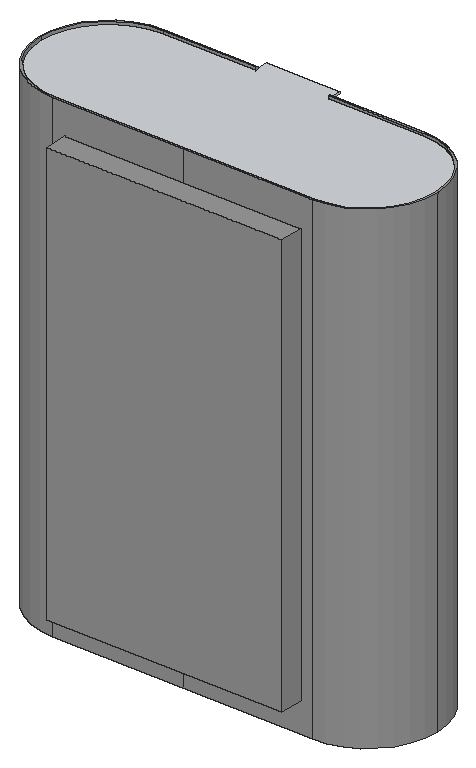
Revit family "3305 Björk_Sanitary bin", category Furniture Systems, host Wall, Revit 2017
Family settings
  Host = Wall
  Round Connector Dimension = Use Diameter
  Part Type = Normal
  Always vertical = Yes
  Cut with Voids When Loaded = No
  Shared = No
  Room Calculation Point = No
Parameters (values of type "BLACK")
  URL = "http://www.dandryer.com/"
  Surface Top = BLACK
  Surface Frame = BLACK
  Surface Bottom = BLACK
  Open = no
  Offset from floor = 150 mm
  Manufacturer = "Dan Dryer A/S"
  Description = "Sanitary bin"
  Closed = yes
Reference planes
  plane 1 "Wall": y = 0
  plane 2 "Center (Left/Right)": x = 125
  plane 3 "Back": y = 75
Text (mm)
  text "Placement Side" at (-1848.837, 1116.779, 0), in view "Ref. Level"
  text "Placement side" at (0, 1409.804, 2854.306), in view "Left"
  text "Placement side" at (0, 499.811, 2980.732), in view "Right"
Dimensions and locks
  locked: plane 3 "Back" to host wall
  "Offset from floor": nested 1 to level
  aligned and locked: plane 1 "Wall" to host wall
  aligned and locked: plane 3 "Back" to nested 1
Nested families
  nested 1: "Master Björk Sanitary bin" at (125, 151.5, 150) x (-1, 0, 0) z (0, 0, 1), type "Master Björk Sanitary bin"
    with Open no
Definition of nested family "Master Björk Sanitary bin"
  Parameters (values of type "Master Björk Sanitary bin")
    Surface Top = none
    Surface Frame = none
    Surface Bottom = none
    Open = yes
    Closed = yes
  Reference planes
    plane 1 "Center (Front/Back)": y = 0
    plane 2: z = 0
    plane 3 "Center (Left/Right)": x = 0
  Dimensions and locks
    aligned and locked: level to plane 2
  Nested families
    nested 1: "Top - Bottom" at (0, 0, 0), visible <- "Closed", type "Top - Bottom"
    nested 2: "Frame" at (0, 0, 0), type "Frame"
    nested 3: "Top - Bottom Open" at (0, 0, 0), visible <- "Open", type "Top - Bottom Open"
  Definition of nested family "Top - Bottom"
    Parameters (values of type "Top - Bottom")
      Surface Frame = none
      Surface Bottom = none
    Reference planes
      plane 1 "Center (Front/Back)": y = 0
      plane 2: z = 0
      plane 3 "Center (Left/Right)": x = 0
    Forms (mm)
      Extrusion 1, solid, material <- "Surface Bottom"
        sketch origin (0, 129.723, 20) x (0, -1, 0) y (1, 0, 0)
          loop
            arc (73.723, -107.5) -> (90.125, -147.098) -> (129.723, -163.5) r 56
            arc (129.723, -163.5) -> (169.321, -147.098) -> (185.723, -107.5) r 56
            line (185.723, -107.5) -> (185.723, 107.5)
            arc (185.723, 107.5) -> (169.321, 147.098) -> (129.723, 163.5) r 56
            arc (129.723, 163.5) -> (90.125, 147.098) -> (73.723, 107.5) r 56
            line (73.723, 107.5) -> (73.723, -107.5)
        from 0 to 1.5
      Extrusion 2, solid
        sketch origin (0, 129.723, 396.5) x (0, -1, 0) y (1, 0, 0)
          loop
            arc (73.723, -107.5) -> (90.125, -147.098) -> (129.723, -163.5) r 56
            arc (129.723, -163.5) -> (169.321, -147.098) -> (185.723, -107.5) r 56
            line (185.723, -107.5) -> (185.723, -30) -> (197.223, -30) -> (197.223, 0) -> (197.223, 30) -> (185.723, 30) -> (185.723, 107.5)
            arc (185.723, 107.5) -> (169.321, 147.098) -> (129.723, 163.5) r 56
            arc (129.723, 163.5) -> (90.125, 147.098) -> (73.723, 107.5) r 56
            line (73.723, 107.5) -> (73.723, -107.5)
        from 0 to 1.5
    Lines and regions (mm)
      reference lines
        curve 1: line (0, 129.723, 396.5) -> (0, -190.277, 396.5)
        curve 2: line (0, 129.723, 20) -> (0, -150.277, 20)
    Dimensions and locks
      aligned and locked: level to plane 2
  Definition of nested family "Frame"
    Parameters (values of type "Frame")
      Surface Top = none
      Surface Frame = none
      Surface Bottom = none
    Reference planes
      plane 1 "Center (Front/Back)": y = 0
      plane 2: z = 0
      plane 3 "Center (Left/Right)": x = 0
    Forms (mm)
      Extrusion 1, solid, material <- "Surface Frame"
        sketch origin (0, 0, 0) x (1, 0, 0) y (0, 1, 0)
          loop
            line (0, 57.5) -> (-107.5, 57.5)
            arc (-107.5, 57.5) -> (-148.159, 40.659) -> (-165, 0) r 57.5
            arc (-165, 0) -> (-148.159, -40.659) -> (-107.5, -57.5) r 57.5
            line (-107.5, -57.5) -> (0, -57.5) -> (107.5, -57.5)
            arc (107.5, -57.5) -> (148.159, -40.659) -> (165, 0) r 57.5
            arc (165, 0) -> (148.159, 40.659) -> (107.5, 57.5) r 57.5
            line (107.5, 57.5) -> (0, 57.5)
          loop
            arc (-107.5, 56) -> (-147.098, 39.598) -> (-163.5, 0) r 56
            arc (-163.5, 0) -> (-147.098, -39.598) -> (-107.5, -56) r 56
            line (-107.5, -56) -> (107.5, -56)
            arc (107.5, -56) -> (147.098, -39.598) -> (163.5, 0) r 56
            arc (163.5, 0) -> (147.098, 39.598) -> (107.5, 56) r 56
            line (107.5, 56) -> (-107.5, 56)
        from 0 to 400
      Extrusion 2, solid, material <- "Surface Frame"
        sketch origin (0, 57.5, 0) x (-1, 0, 0) y (0, 0, 1)
          loop
            line (-97.5, 375) -> (-97.5, 25) -> (97.5, 25) -> (97.5, 375) -> (-97.5, 375)
        from 0 to 19
      Extrusion 3, void
        sketch origin (0, 0, 0) x (1, 0, 0) y (0, 1, 0)
          loop
            line (-30, -53.768) -> (-30, -68.768) -> (30, -68.768) -> (30, -53.768) -> (-30, -53.768)
        from 396.5 to 403.782
    Cuts and joins
      Extrusion 3 cuts Extrusion 1
    Dimensions and locks
      cut or joined group of Extrusion 1, Extrusion 3 to cut or joined group of Extrusion 1, Extrusion 3 = 3.5 mm
      aligned and locked: level to plane 2
  Definition of nested family "Top - Bottom Open"
    Parameters (values of type "Top - Bottom Open")
      Surface Frame = none
      Surface Bottom = none
    Reference planes
      plane 1 "Center (Front/Back)": y = 0
      plane 2: z = 0
      plane 3 "Center (Left/Right)": x = 0
    Forms (mm)
      Extrusion 1, solid, material <- "Surface Bottom"
        sketch origin (0, 129.723, 20) x (0, -1, 0) y (1, 0, 0)
          loop
            arc (73.723, -107.5) -> (90.125, -147.098) -> (129.723, -163.5) r 56
            arc (129.723, -163.5) -> (169.321, -147.098) -> (185.723, -107.5) r 56
            line (185.723, -107.5) -> (185.723, 107.5)
            arc (185.723, 107.5) -> (169.321, 147.098) -> (129.723, 163.5) r 56
            arc (129.723, 163.5) -> (90.125, 147.098) -> (73.723, 107.5) r 56
            line (73.723, 107.5) -> (73.723, -107.5)
        from 0 to 1.5
      Extrusion 2, solid
        sketch origin (0, 54.5, 324.277) x (0, 0, 1) y (1, 0, 0)
          loop
            arc (73.723, -107.5) -> (90.125, -147.098) -> (129.723, -163.5) r 56
            arc (129.723, -163.5) -> (169.321, -147.098) -> (185.723, -107.5) r 56
            line (185.723, -107.5) -> (185.723, -30) -> (197.223, -30) -> (197.223, 0) -> (197.223, 30) -> (185.723, 30) -> (185.723, 107.5)
            arc (185.723, 107.5) -> (169.321, 147.098) -> (129.723, 163.5) r 56
            arc (129.723, 163.5) -> (90.125, 147.098) -> (73.723, 107.5) r 56
            line (73.723, 107.5) -> (73.723, -107.5)
        from 0 to 1.5
    Lines and regions (mm)
      reference lines
        curve 1: line (0, 129.723, 396.5) -> (0, -190.277, 396.5)
        curve 2: line (0, 129.723, 20) -> (0, -150.277, 20)
    Dimensions and locks
      aligned and locked: level to plane 2
